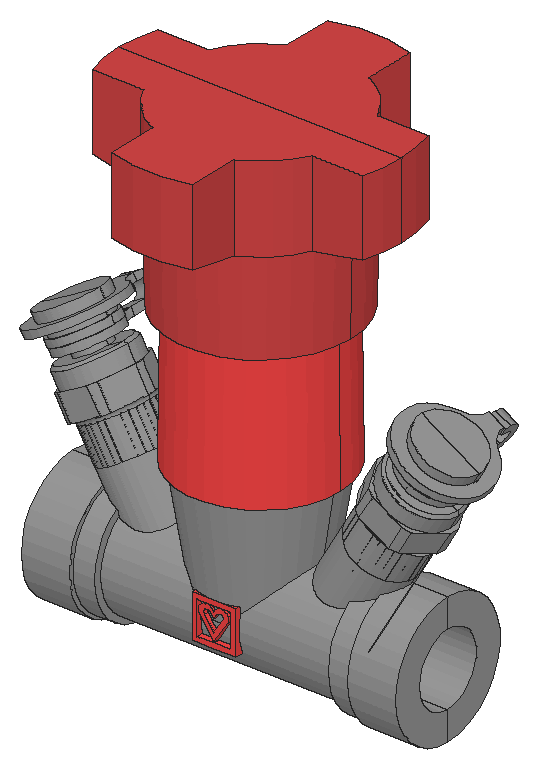
Revit family "HERZ Strömax полиамид, цвет маховика - зеленый 4217 GN", category Rohrzubehör, Revit 2019
Family settings
  Bemaßung runder Anschluss = Durchmesser verwenden
  Teiletyp = Unterbricht
  OmniClass-Nummer = 23.65.55.14
  OmniClass-Titel = Valves for Liquid Services
  Arbeitsebenenbasiert = Nein
  Immer vertikal = Ja
  Beim Laden mit Abzugskörper schneiden = Nein
  Gemeinsam genutzt = Nein
Parameters
  Шпиндель = "латунь CW617N"  # constant formula
  Уплотнение шпинделя = "EPDM"  # constant formula
  Среда = "Качество теплоносителя в соответствии с ÖNORM H5195 и VDI 2035.\r\nДопускается использование этилен- и пропиленгликоля в соотношении 25-50 % с водой."
  Положение клапана при монтаже = "Неподнимающийся шпиндель, расположенный перпендикулярно оси клапана, обеспечивает доступность и лёгкость в обслуживании в любом монтажном положении."
  Область применения = "Балансировочные клапаны применяются для гидравлической балансировки систем отопления и охлаждения, регулировки магистральных трубопроводов, стояков, теплообменников, регистров отопления и охлаждения."
  Номер заказа [instance] = size_lookup("4217_GN_", "Artnr", 0, Nennweite)  # 1421771
  Маховик = "полиамид, цвет маховика - красный"  # constant formula
  Макс. рабочее давление = 2500000.0 Pa  # constant formula
  Макс. рабочая температура (с DN40) = 110 °C  # constant formula
  Макс. рабочая температура (до DN32) = 130 °C  # constant formula
  Корпус = "латунь CW602N"  # constant formula
  Исполнение = "STRÖMAX-GN Балансировочный клапан с равнопроцентной пропускной характеристикой, с измерительными клапанами, 1/2′′ – 2′′.\r\nИсполнение с прямым невыдвижным шпинделем, муфта х муфта, латунный корпус без покрытия, уплотнение шпинделя двойным кольцевым уплотнением O-Ring, преднастройка посредством ограничения хода внутреннего шпинделя, шкала настройки находится на корпусе маховика.\r\nДва измерительных клапана расположены рядом с маховиком."
  Измерение перепада давления = "Клапаны STRÖMAX-GN оснащены двумя измерительными клапанами:\r\nс помощью измерительного прибора можно измерить перепад давления и по нему определить текущий расход в зависимости от степени преднастройки.\r\nHERZ Измерительный компьютер (1 8900 05) позволяет напрямую считывать расход (см. руководство к измерительным приборам)."
  Внутренняя резьба = "в соответствии с ISO 7/1"  # constant formula
  kvs-значения [instance] = if(Nennweite = 15.00 mm, 1.14, if(Nennweite = 20.00 mm, 2.38, if(Nennweite = 25.00 mm, 5.24, if(Nennweite = 32.00 mm, 8.6, if(Nennweite = 40.00 mm, 10.49, if(Nennweite = 50.00 mm, 16.78, 0))))))  # 1.14
  W02 = 60.00°  # constant formula
  W01 = 30.00°  # constant formula
  URL = "www.herz-armaturen.ru"
  SC_NennweiteBerechnet = 0
  SC_Dimension = ""
  SCRNSEQ = "ARM;ARM_TYP=\"STRV\";2"
  SCRNCODE = "05;07;02"  # constant formula
  S02 = 60.00 mm  # constant formula
  S01 [instance] = DN15_DN50  # 92.00 mm
  R01 [instance] = size_lookup("4217_GN_", "R1", 1.00 mm, Nennweite)  # 11.35 mm
  Nennweite [instance] = 15.00 mm
  ML02 [instance] = size_lookup("4217_GN_", "ML2", 1.00 mm, Nennweite)  # 29.70 mm
  ML01 [instance] = size_lookup("4217_GN_", "ML1", 1.00 mm, Nennweite)  # 15.15 mm
  MD01 = 7.40 mm  # constant formula
  L02 [instance] = size_lookup("4217_GN_", "L2", 1.00 mm, Nennweite)  # 10.00 mm
  L01 [instance] = size_lookup("4217_GN_", "L1", 1.00 mm, Nennweite)  # 14.70 mm
  L00 [instance] = size_lookup("4217_GN_", "L", 1.00 mm, Nennweite)  # 78.00 mm
  IG [instance] = Nennweite / 2  # 7.50 mm
  Hersteller = "HERZ Armaturen Ges.m.b.H."  # constant formula
  H01 = 41.50 mm  # constant formula
  H00 [instance] = size_lookup("4217_GN_", "H", 1.00 mm, Nennweite)  # 25.40 mm
  Вес [instance] = if(Nennweite = 15.00 mm, "0.50 kg", if(Nennweite = 20.00 mm, "0.58 kg", if(Nennweite = 25.00 mm, "0.81 kg", if(Nennweite = 32.00 mm, "1.2 kg", if(Nennweite = 40.00 mm, "1.37 kg", if(Nennweite = 50.00 mm, "2.06 kg", "0 kg"))))))  # "0.50 kg"
  GT [instance] = size_lookup("4217_GN_", "GT", 1.00 mm, Nennweite)  # 13.20 mm
  DN50 [instance] = Nennweite = 50.00 mm  # no
  DN40 [instance] = Nennweite = 40.00 mm  # no
  DN32 [instance] = Nennweite = 32.00 mm  # no
  DN25 [instance] = Nennweite = 25.00 mm  # no
  DN20 [instance] = Nennweite = 20.00 mm  # no
  DN15_DN50 [instance] = if(Nennweite = 15.00 mm, 92.00 mm, if(Nennweite = 20.00 mm, 95.00 mm, if(Nennweite = 25.00 mm, 102.00 mm, if(Nennweite = 32.00 mm, 114.00 mm, if(Nennweite = 40.00 mm, 114.00 mm, if(Nennweite = 50.00 mm, 119.00 mm, 0.00 mm))))))  # 92.00 mm
  DN15 [instance] = Nennweite = 15.00 mm  # yes
  D05 = 16.75 mm  # constant formula
  D04 = 16.25 mm  # constant formula
  D03 [instance] = size_lookup("4217_GN_", "D3", 1.00 mm, Nennweite)  # 15.50 mm
  D02 [instance] = size_lookup("4217_GN_", "D2", 1.00 mm, Nennweite)  # 13.50 mm
  D01 [instance] = size_lookup("4217_GN_", "D1", 1.00 mm, Nennweite)  # 12.70 mm
Reference planes
  plane 1 "Mitte (Vorne/hinten)": y = 0
  plane 2: z = 0
  plane 3 "Mitte (Links/rechts)": x = 0
Forms (mm)
  Revolve 1, solid, material "Messing, weicher Gelbton, geschweißt", detail levels fine
    sketch origin (0, 0, 0) x (1, 0, 0) y (0, 0, 1)
      loop
        line (-39, 13.5) -> (-39, 7.5) -> (-25.8, 7.5) -> (-25.8, 0) -> (25.8, 0) -> (25.8, 7.5) -> (39, 7.5) -> (39, 13.5) -> (29, 13.5) -> (29, 12.7) -> (24.3, 12.7) -> (24.3, 11.35) -> (-24.3, 11.35) -> (-24.3, 12.7) -> (-29, 12.7) -> (-29, 13.5) -> (-39, 13.5)
      axis (-39, 0) -> (39, 0)
    angle from 0 to 360
  Revolve 2, solid, material "Messing, weicher Gelbton, geschweißt", detail levels fine
    sketch origin (0, 0, 0) x (1, 0, 0) y (0, 0, 1)
      loop
        line (15.15, 0) -> (30, 25.721) -> (23.591, 29.421) -> (8.741, 3.7) -> (15.15, 0)
      axis (15.15, 0) -> (30, 25.721)
    angle from 0 to 360
  Revolve 3, solid, material "Messing, weicher Gelbton, geschweißt", detail levels fine
    sketch origin (0, 0, 0) x (-1, 0, 0) y (0, 0, 1)
      loop
        line (15.15, 0) -> (30, 25.721) -> (23.591, 29.421) -> (8.741, 3.7) -> (15.15, 0)
      axis (15.15, 0) -> (30, 25.721)
    angle from 0 to 360
  Revolve 4, solid, material "Messing, weicher Gelbton, geschweißt", detail levels fine
    sketch origin (0, 0, 0) x (1, 0, 0) y (0, 0, 1)
      loop
        line (0, 0) -> (0, 25.4) -> (-15.5, 25.4) -> (-11.35, 0) -> (0, 0)
      axis (0, 25.4) -> (0, 0)
    angle from 0 to 360
  Revolve 5, solid, material "Kunsstoff rot", detail levels fine
    sketch origin (0, 0, 0) x (1, 0, 0) y (0, 0, 1)
      loop
        line (0, 25.4) -> (0, 66.9) -> (-16.25, 66.9) -> (-16.75, 25.4) -> (0, 25.4)
      axis (0, 66.9) -> (0, 25.4)
    angle from 0 to 360
Lines and regions (mm)
  model lines, detail levels coarse+medium
    curve 1: line (-39, 0, 13.5) -> (-39, 0, -13.5)
    curve 2: line (-39, 0, -13.5) -> (39, 0, 13.5)
    curve 3: line (39, 0, 13.5) -> (39, 0, -13.5)
    curve 4: line (39, 0, -13.5) -> (-39, 0, 13.5)
    curve 5: line (0, 0, 0) -> (53.116, 0, 92)
    curve 6: line (27.135, 0, 107) -> (79.097, 0, 77)
    curve 7: line (-39, 13.5, 0) -> (-39, -13.5, 0)
    curve 8: line (-39, -13.5, 0) -> (39, 13.5, 0)
    curve 9: line (39, 13.5, 0) -> (39, -13.5, 0)
    curve 10: line (39, -13.5, 0) -> (-39, 13.5, 0)
    curve 11: line (0, 0, 0) -> (53.116, 92, 0)
    curve 12: line (27.135, 107, 0) -> (79.097, 77, 0)
Dimensions and locks
  "IG": Revolve 1 sketch curve to plane 2
  "GT": Revolve 1 sketch curve to Revolve 1 sketch curve  (x2)
  "IG": Revolve 1 sketch curve to Revolve 1 sketch curve
  "D01": Revolve 1 sketch curve to Revolve 1 sketch curve  (x2)
  "L02": Revolve 1 sketch curve to Revolve 1 sketch curve  (x2)
  "D02": Revolve 1 sketch curve to plane 2  (x2)
  equal spacing: Revolve 1 sketch curve, plane 3 "Mitte (Links/rechts)", Revolve 1 sketch curve
  "L00": Revolve 1 sketch curve to Revolve 1 sketch curve
  "R01": nested 1 to plane 1 "Mitte (Vorne/hinten)"
  "ML01": Revolve 2 sketch curve to plane 3 "Mitte (Links/rechts)"
  "ML02": Revolve 2 sketch curve to Revolve 2 sketch curve
  "MD01": Revolve 2 sketch curve to Revolve 2 sketch curve  (x2)
  "ML02": Revolve 3 sketch curve to Revolve 3 sketch curve
  "MD01": Revolve 3 sketch curve to Revolve 3 sketch curve  (x2)
  "ML01": plane 3 "Mitte (Links/rechts)" to Revolve 3 sketch curve
  "D02": curve 4 to plane 2 to curve 2
  "D02": curve 3 to plane 2 to curve 4
  equal spacing: curve 1, plane 3 "Mitte (Links/rechts)", curve 3
  "L00": curve 1 to curve 3
  equal spacing: Revolve 1, curve 5, Revolve 1
  "S01": curve 5 to plane 2
  equal spacing: curve 6, curve 5, curve 6
  "S02": curve 6 to curve 6
  "D02": curve 8 to plane 1 "Mitte (Vorne/hinten)" to curve 10
  "D02": curve 10 to plane 1 "Mitte (Vorne/hinten)" to curve 9
  equal spacing: curve 7, plane 3 "Mitte (Links/rechts)", curve 9
  "L00": curve 7 to curve 9
  equal spacing: curve 7, curve 11, curve 9
  "S01": plane 1 "Mitte (Vorne/hinten)" to curve 11
  equal spacing: curve 12, curve 11, curve 12
  "S02": curve 12 to curve 12
  "R01": Revolve 1 sketch curve to plane 2
  "H00": Revolve 4 sketch curve to plane 2
  "D03": Revolve 4 sketch curve to Revolve 4 sketch curve
  "R01": Revolve 4 sketch curve to Revolve 4 sketch curve
  "L01": Revolve 1 sketch curve to Revolve 1 sketch curve  (x2)
  "H01": Revolve 5 sketch curve to Revolve 5 sketch curve
  "H00": Revolve 5 sketch curve to plane 2
  "D04": Revolve 5 sketch curve to Revolve 5 sketch curve
  "D05": Revolve 5 sketch curve to Revolve 5 sketch curve
  "DN15_DN50": nested 14 to plane 2
  "W01": angle Revolve 2 sketch curve to plane 3 "Mitte (Links/rechts)"  (x2)
  "W01": angle plane 3 "Mitte (Links/rechts)" to Revolve 3 sketch curve  (x2)
  "W02": angle plane 2 to curve 5
  "W02": angle plane 1 "Mitte (Vorne/hinten)" to curve 11
  aligned and locked: level to plane 2
Automatic sketch dimensions
  Revolve 1 sketch curve to level = 0.00 mm  (x2)
  Revolve 1 sketch curve to Revolve 1 sketch curve = 1429.986 mm
  Revolve 1 sketch curve to Revolve 1 sketch curve = 1762.604 mm
  Revolve 2 sketch curve to level = 0.00 mm  (x2)
  Revolve 3 sketch curve to level = 0.00 mm  (x2)
  Revolve 4 sketch curve to level = 0.00 mm
  Revolve 4 sketch curve to plane 3 "Mitte (Links/rechts)" = 0.00 mm  (x2)
  Revolve 4 sketch curve to level = 366.045 mm
  Revolve 4 sketch curve to Revolve 4 sketch curve = 2188.915 mm
  Revolve 5 sketch curve to plane 3 "Mitte (Links/rechts)" = 0.00 mm  (x2)
  Revolve 5 sketch curve to level = 366.045 mm
  Revolve 5 sketch curve to Revolve 5 sketch curve = 2147.415 mm
Nested families
  nested 1: "Herz-Logo-vorne" at (0, -11.35, 0) x (0, 1, 0) z (0, 0, 1), type "Herz-Logo-vorne", detail levels fine
  nested 2: "Messstutzen_Band_Austritt_30Grad_(oben)" at (37.95, 0, 29.878), visible <- "DN50", type "Messstutzen_Band_Austritt_30Grad_(oben)", detail levels fine
    with Schutzkappe yes, Nennweite 0.00 mm, Gewicht 0.00 kg, Bestellnummer 0
  nested 3: "Messstutzen_Band_Eintritt_30Grad_(oben)" at (-37.95, 0, 29.878) x (-1, 0, 0) z (0, 0, 1), visible <- "DN50", type "Messstutzen_Band_Eintritt_30Grad_(oben)", detail levels fine
    with Schutzkappe yes, Nennweite 0.00 mm, Gewicht 0.00 kg, Bestellnummer 0
  nested 4: "Messstutzen_Band_Austritt_30Grad_(oben)" at (21.25, 0, 10.566), visible <- "DN15", type "Messstutzen_Band_Austritt_30Grad_(oben)", detail levels fine
    with Schutzkappe yes, Nennweite 0.00 mm, Gewicht 0.00 kg, Bestellnummer 0
  nested 5: "Messstutzen_Band_Eintritt_30Grad_(oben)" at (-21.25, 0, 10.566) x (-1, 0, 0) z (0, 0, 1), visible <- "DN15", type "Messstutzen_Band_Eintritt_30Grad_(oben)", detail levels fine
    with Schutzkappe yes, Nennweite 0.00 mm, Gewicht 0.00 kg, Bestellnummer 0
  nested 6: "Messstutzen_Band_Eintritt_30Grad_(oben)" at (-20.175, 0, 12.601) x (-1, 0, 0) z (0, 0, 1), visible <- "DN20", type "Messstutzen_Band_Eintritt_30Grad_(oben)", detail levels fine
    with Schutzkappe yes, Nennweite 0.00 mm, Gewicht 0.00 kg, Bestellnummer 0
  nested 7: "Messstutzen_Band_Austritt_30Grad_(oben)" at (20.175, 0, 12.601), visible <- "DN20", type "Messstutzen_Band_Austritt_30Grad_(oben)", detail levels fine
    with Schutzkappe yes, Nennweite 0.00 mm, Gewicht 0.00 kg, Bestellnummer 0
  nested 8: "Messstutzen_Band_Eintritt_30Grad_(oben)" at (-21.8, 0, 15.762) x (-1, 0, 0) z (0, 0, 1), visible <- "DN25", type "Messstutzen_Band_Eintritt_30Grad_(oben)", detail levels fine
    with Schutzkappe yes, Nennweite 0.00 mm, Gewicht 0.00 kg, Bestellnummer 0
  nested 9: "Messstutzen_Band_Austritt_30Grad_(oben)" at (21.8, 0, 15.762), visible <- "DN25", type "Messstutzen_Band_Austritt_30Grad_(oben)", detail levels fine
    with Schutzkappe yes, Nennweite 0.00 mm, Gewicht 0.00 kg, Bestellnummer 0
  nested 10: "Messstutzen_Band_Eintritt_30Grad_(oben)" at (-27.95, 0, 20.352) x (-1, 0, 0) z (0, 0, 1), visible <- "DN32", type "Messstutzen_Band_Eintritt_30Grad_(oben)", detail levels fine
    with Schutzkappe yes, Nennweite 0.00 mm, Gewicht 0.00 kg, Bestellnummer 0
  nested 11: "Messstutzen_Band_Austritt_30Grad_(oben)" at (27.95, 0, 20.352), visible <- "DN32", type "Messstutzen_Band_Austritt_30Grad_(oben)", detail levels fine
    with Schutzkappe yes, Nennweite 0.00 mm, Gewicht 0.00 kg, Bestellnummer 0
  nested 12: "Messstutzen_Band_Eintritt_30Grad_(oben)" at (-33.7, 0, 23.729) x (-1, 0, 0) z (0, 0, 1), visible <- "DN40", type "Messstutzen_Band_Eintritt_30Grad_(oben)", detail levels fine
    with Schutzkappe yes, Nennweite 0.00 mm, Gewicht 0.00 kg, Bestellnummer 0
  nested 13: "Messstutzen_Band_Austritt_30Grad_(oben)" at (33.7, 0, 23.729), visible <- "DN40", type "Messstutzen_Band_Austritt_30Grad_(oben)", detail levels fine
    with Schutzkappe yes, Nennweite 0.00 mm, Gewicht 0.00 kg, Bestellnummer 0
  nested 14: "Strangregulierventil-Handrad_(Rot) DN15-DN50" at (0, 0, 54.6), type "Strangregulierventil-Handrad_(Rot) DN15-DN50", detail levels fine
Connectors
  piping at (-25.8, 0, 0), diameter 15, driven by "Nennweite"
    settings: on Revolve 1, index 1, connector inside diameter 609.6 mm, connector length 0.00 mm, flow factor 0, pipe flow 0.0 L/s, pressure drop 0.0 Pa, fitting loss kfactor 0, connector angle 0.00°, fixture units 0, engagement length 0.00 mm, angle of deflection 0.00°, flow configuration 0, flow direction 1, fitting loss method 0, system type 29, joint type 0, gender type 0, connector reference index -1, connector utility 0, adjustable connector no, is connector primary yes, connector description ""
  piping at (25.8, 0, 0), diameter 15, driven by "Nennweite"
    settings: on Revolve 1, index 2, connector inside diameter 609.6 mm, connector length 0.00 mm, flow factor 0, pipe flow 0.0 L/s, pressure drop 0.0 Pa, fitting loss kfactor 0, connector angle 0.00°, fixture units 0, engagement length 0.00 mm, angle of deflection 0.00°, flow configuration 0, flow direction 2, fitting loss method 0, system type 29, joint type 0, gender type 0, connector reference index -1, connector utility 0, adjustable connector no, is connector primary no, connector description ""
Definition of nested family "Herz-Logo-vorne"
  Reference planes
    plane 1 "Mitte (Vorne/hinten)": y = 0
    plane 2: z = 0
    plane 3 "Mitte (Links/rechts)": x = 0
  Forms (mm)
    Extrusion 1, solid
      sketch origin (0.732, -0.018, 0.017) x (0, -1, 0) y (0, 0, 1)
        loop
          line (-0.018, -4.517) -> (4.482, -4.517) -> (4.482, 4.483) -> (-4.518, 4.483) -> (-4.518, -4.517) -> (-0.018, -4.517)
        loop
          line (-0.05, -3.48) -> (3.482, -3.48) -> (3.482, 3.483) -> (-3.518, 3.483) -> (-3.518, -3.48) -> (-0.05, -3.48)
        loop
          arc (-0.018, 2.383) -> (-1.543, 3.287) -> (-3.067, 2.383) r 1.738
          arc (-3.067, 2.383) -> (-3.191, 1.899) -> (-3.067, 1.415) r 1.009
          line (-3.067, 1.415) -> (-0.018, -3.281) -> (3.032, 1.415)
          arc (3.032, 1.415) -> (3.156, 1.899) -> (3.032, 2.383) r 1.009
          arc (3.032, 2.383) -> (1.507, 3.287) -> (-0.018, 2.383) r 1.738
        loop
          arc (1.885, 1.272) -> (2.005, 1.675) -> (1.885, 2.079) r 0.74
          arc (1.885, 2.079) -> (1.265, 2.416) -> (0.644, 2.079) r 0.74
          line (0.644, 2.079) -> (-0.018, 0.97) -> (-0.679, 2.079)
          arc (-0.679, 2.079) -> (-1.3, 2.416) -> (-1.921, 2.079) r 0.74
          arc (-1.921, 2.079) -> (-2.04, 1.675) -> (-1.921, 1.272) r 0.74
          line (-1.921, 1.272) -> (-0.018, -1.658) -> (1.885, 1.272)
      from 0 to 1.5
  Dimensions and locks
    aligned and locked: level to plane 2
Definition of nested family "Messstutzen_Band_Austritt_30Grad_(oben)"
  Parameters (values of type "Messstutzen_Band_Austritt_30Grad_(oben)")
    URL = "www.herz-armaturen.at"
    Schutzkappe [instance] = yes
    Nennweite [instance] = 0.00 mm
    Manufacturer = "Herz Armaturen GmbH"  # constant formula
    Gewicht [instance] = 0.00 kg
    Bestellnummer [instance] = 0
  Reference planes
    plane 1 "Mitte (Vorne/hinten)": y = 0
    plane 2: z = 0
    plane 3 "Mitte (Links/rechts)": x = 0
  Forms (mm)
    Revolve 1, solid, detail levels fine
      sketch origin (0, 0, 0) x (0.866025, 0, -0.5) y (0.5, 0, 0.866025)
        loop
          line (-7.4, 9) -> (-5.55, 9) -> (-5.55, 6)
          arc (-5.55, 6) -> (-5.626, 5.617) -> (-5.843, 5.293) r 1
          line (-5.843, 5.293) -> (-6.455, 4.681) -> (-6.455, 0.9) -> (-5.555, 0) -> (-2, 0) -> (-2, 17.5) -> (-8.4, 17.5)
          arc (-8.4, 17.5) -> (-7.693, 17.207) -> (-7.4, 16.5) r 1
          line (-7.4, 16.5) -> (-7.4, 9)
        loop
          line (-3.7, 27) -> (-7.3, 27) -> (-7.9, 26.4) -> (-7.9, 23) -> (-2, 23) -> (-2, 35.8) -> (-3.805, 35.8) -> (-4.415, 35.19) -> (-4.415, 30.863) -> (-3.7, 30.45) -> (-3.7, 27)
        axis (0, 0) -> (0, 35.8)
      angle from 0 to 360
    Extrusion 2, solid, detail levels fine
      sketch origin (8.75, 0, 15.155) x (0, 1, 0) y (-0.866025, 0, 0.5)
        loop
          arc (-7.07, 5.156) -> (-7.578, 4.375) -> (-8, 3.544) r 8.75
          line (-8, 3.544) -> (-8, -3.544)
          arc (-8, -3.544) -> (-7.578, -4.375) -> (-7.07, -5.156) r 8.75
          line (-7.07, -5.156) -> (-0.93, -8.7)
          arc (-0.93, -8.7) -> (0, -8.75) -> (0.93, -8.7) r 8.75
          line (0.93, -8.7) -> (7.07, -5.156)
          arc (7.07, -5.156) -> (7.578, -4.375) -> (8, -3.544) r 8.75
          line (8, -3.544) -> (8, 3.544)
          arc (8, 3.544) -> (7.578, 4.375) -> (7.07, 5.156) r 8.75
          line (7.07, 5.156) -> (0.93, 8.7)
          arc (0.93, 8.7) -> (0, 8.75) -> (-0.93, 8.7) r 8.75
          line (-0.93, 8.7) -> (-7.07, 5.156)
      from 0 to 5.5
    Revolve 3, solid, visible <- "Schutzkappe", detail levels fine
      sketch origin (0, 0, 0) x (0.866025, 0, -0.5) y (0.5, 0, 0.866025)
        loop
          line (0, 35.878) -> (0, 36.678) -> (-7, 36.678) -> (-7, 33.378) -> (-6.1, 33.378) -> (-6.1, 31.678) -> (-6.9, 31.678) -> (-6.9, 30.178) -> (-4.415, 30.178) -> (-4.415, 35.268) -> (-3.805, 35.878) -> (0, 35.878)
        axis (0, 30.178) -> (0, 36.678)
      angle from 0 to 360
    Extrusion 4, solid, detail levels fine
      sketch origin (14.25, 0, 24.682) x (0, 1, 0) y (0.866025, 0, -0.5)
        loop
          circle (0, 0) r 3.7
        loop
          arc (5.505, -3.906) -> (7.288, -2.358) -> (9.582, -1.8) r 5
          line (9.582, -1.8) -> (9.582, 1.8)
          arc (9.582, 1.8) -> (7.288, 2.358) -> (5.505, 3.906) r 5
          arc (5.505, 3.906) -> (-6.75, 0) -> (5.505, -3.906) r 6.75
      from 0 to -1.5
    Extrusion 5, solid, detail levels fine
      sketch origin (16.589, 0, 28.733) x (0, 1, 0) y (0.866025, 0, -0.5)
        loop
          circle (0, 0) r 6.1
        loop
          arc (8.652, -4.495) -> (10.493, -2.527) -> (13.089, -1.8) r 5
          line (13.089, -1.8) -> (13.089, 1.8)
          arc (13.089, 1.8) -> (10.493, 2.527) -> (8.652, 4.495) r 5
          arc (8.652, 4.495) -> (-9.75, 0) -> (8.652, -4.495) r 9.75
      from 0 to -1.5
    Sweep 6, solid, detail levels fine
      path origin (1.029, 0.159, 0.98) x (-0.5, 0, -0.866025) y (0, 1, 0)
        loop
          line (-27.75, 9.582) -> (-27.75, 14.522)
          arc (-27.75, 14.522) -> (-30.089, 16.862) -> (-32.428, 14.522) r 2.339
          line (-32.428, 14.522) -> (-32.428, 13.089)
      profile origin (14.904, 12.211, 25.012) x (0.5, 0, 0.866025) y (0.866025, 0, -0.5)
        loop
          line (-0.75, -1.8) -> (0.75, -1.8) -> (0.75, 1.8) -> (-0.75, 1.8) -> (-0.75, -1.8)
  Dimensions and locks
    aligned and locked: level to plane 2
Definition of nested family "Messstutzen_Band_Eintritt_30Grad_(oben)"
  Parameters (values of type "Messstutzen_Band_Eintritt_30Grad_(oben)")
    URL = "www.herz-armaturen.at"
    Schutzkappe [instance] = yes
    Nennweite [instance] = 0.00 mm
    Manufacturer = "Herz Armaturen GmbH"  # constant formula
    Gewicht [instance] = 0.00 kg
    Bestellnummer [instance] = 0
  Reference planes
    plane 1 "Mitte (Vorne/hinten)": y = 0
    plane 2: z = 0
    plane 3 "Mitte (Links/rechts)": x = 0
  Forms (mm)
    Revolve 1, solid, detail levels fine
      sketch origin (0, 0, 0) x (0.866025, 0, -0.5) y (0.5, 0, 0.866025)
        loop
          line (-7.4, 9) -> (-5.55, 9) -> (-5.55, 6)
          arc (-5.55, 6) -> (-5.626, 5.617) -> (-5.843, 5.293) r 1
          line (-5.843, 5.293) -> (-6.455, 4.681) -> (-6.455, 0.9) -> (-5.555, 0) -> (-2, 0) -> (-2, 17.5) -> (-8.4, 17.5)
          arc (-8.4, 17.5) -> (-7.693, 17.207) -> (-7.4, 16.5) r 1
          line (-7.4, 16.5) -> (-7.4, 9)
        loop
          line (-3.7, 27) -> (-7.3, 27) -> (-7.9, 26.4) -> (-7.9, 23) -> (-2, 23) -> (-2, 35.8) -> (-3.805, 35.8) -> (-4.415, 35.19) -> (-4.415, 30.863) -> (-3.7, 30.45) -> (-3.7, 27)
        axis (0, 0) -> (0, 35.8)
      angle from 0 to 360
    Extrusion 2, solid, detail levels fine
      sketch origin (8.75, 0, 15.155) x (0, 1, 0) y (-0.866025, 0, 0.5)
        loop
          arc (-7.07, 5.156) -> (-7.578, 4.375) -> (-8, 3.544) r 8.75
          line (-8, 3.544) -> (-8, -3.544)
          arc (-8, -3.544) -> (-7.578, -4.375) -> (-7.07, -5.156) r 8.75
          line (-7.07, -5.156) -> (-0.93, -8.7)
          arc (-0.93, -8.7) -> (0, -8.75) -> (0.93, -8.7) r 8.75
          line (0.93, -8.7) -> (7.07, -5.156)
          arc (7.07, -5.156) -> (7.578, -4.375) -> (8, -3.544) r 8.75
          line (8, -3.544) -> (8, 3.544)
          arc (8, 3.544) -> (7.578, 4.375) -> (7.07, 5.156) r 8.75
          line (7.07, 5.156) -> (0.93, 8.7)
          arc (0.93, 8.7) -> (0, 8.75) -> (-0.93, 8.7) r 8.75
          line (-0.93, 8.7) -> (-7.07, 5.156)
      from 0 to 5.5
    Revolve 3, solid, visible <- "Schutzkappe", detail levels fine
      sketch origin (0, 0, 0) x (0.866025, 0, -0.5) y (0.5, 0, 0.866025)
        loop
          line (0, 35.878) -> (0, 36.678) -> (-7, 36.678) -> (-7, 33.378) -> (-6.1, 33.378) -> (-6.1, 31.678) -> (-6.9, 31.678) -> (-6.9, 30.178) -> (-4.415, 30.178) -> (-4.415, 35.268) -> (-3.805, 35.878) -> (0, 35.878)
        axis (0, 30.178) -> (0, 36.678)
      angle from 0 to 360
    Extrusion 4, solid, detail levels fine
      sketch origin (14.25, 0, 24.682) x (0, 1, 0) y (0.866025, 0, -0.5)
        loop
          circle (0, 0) r 3.7
        loop
          arc (5.505, -3.906) -> (7.288, -2.358) -> (9.582, -1.8) r 5
          line (9.582, -1.8) -> (9.582, 1.8)
          arc (9.582, 1.8) -> (7.288, 2.358) -> (5.505, 3.906) r 5
          arc (5.505, 3.906) -> (-6.75, 0) -> (5.505, -3.906) r 6.75
      from 0 to -1.5
    Extrusion 5, solid, detail levels fine
      sketch origin (16.589, 0, 28.733) x (0, 1, 0) y (0.866025, 0, -0.5)
        loop
          circle (0, 0) r 6.1
        loop
          arc (8.652, -4.495) -> (10.493, -2.527) -> (13.089, -1.8) r 5
          line (13.089, -1.8) -> (13.089, 1.8)
          arc (13.089, 1.8) -> (10.493, 2.527) -> (8.652, 4.495) r 5
          arc (8.652, 4.495) -> (-9.75, 0) -> (8.652, -4.495) r 9.75
      from 0 to -1.5
    Sweep 6, solid, detail levels fine
      path origin (0.933, -0.183, 1.116) x (-0.5, 0, -0.866025) y (0, 1, 0)
        loop
          line (-27.75, 9.582) -> (-27.75, 14.522)
          arc (-27.75, 14.522) -> (-30.089, 16.862) -> (-32.428, 14.522) r 2.339
          line (-32.428, 14.522) -> (-32.428, 13.089)
      profile origin (14.808, 11.869, 25.148) x (0.5, 0, 0.866025) y (0.866025, 0, -0.5)
        loop
          line (-0.75, -1.8) -> (0.75, -1.8) -> (0.75, 1.8) -> (-0.75, 1.8) -> (-0.75, -1.8)
  Dimensions and locks
    aligned and locked: level to plane 2
Definition of nested family "Strangregulierventil-Handrad_(Rot) DN15-DN50"
  Reference planes
    plane 1 "Mitte (Vorne/hinten)": y = 0
    plane 2: z = 0
    plane 3 "Mitte (Links/rechts)": x = 0
  Forms (mm)
    Revolve 1, solid, detail levels fine
      sketch origin (0, 0, 0) x (1, 0, 0) y (0, 0, 1)
        loop
          line (0, 0) -> (0, 37.4) -> (-29.4, 37.4) -> (-29.4, 21.6) -> (-19.25, 19.5) -> (-18.9, 0) -> (0, 0)
        axis (0, 37.4) -> (0, 0)
      angle from 0 to 360
    Extrusion 2, void
      sketch origin (0, 0, 0) x (1, 0, 0) y (0, 1, 0)
        loop
          arc (-8.5, 17.528) -> (-13.774, 13.774) -> (-17.528, 8.5) r 19.48
          line (-17.528, 8.5) -> (-28.144, 8.5)
          arc (-28.144, 8.5) -> (-29.4, 0) -> (-28.144, -8.5) r 29.4
          line (-28.144, -8.5) -> (-17.528, -8.5)
          arc (-17.528, -8.5) -> (-13.774, -13.774) -> (-8.5, -17.528) r 19.48
          line (-8.5, -17.528) -> (-8.5, -28.144)
          arc (-8.5, -28.144) -> (0, -29.4) -> (8.5, -28.144) r 29.4
          line (8.5, -28.144) -> (8.5, -17.528)
          arc (8.5, -17.528) -> (13.774, -13.774) -> (17.528, -8.5) r 19.48
          line (17.528, -8.5) -> (28.144, -8.5)
          arc (28.144, -8.5) -> (29.4, 0) -> (28.144, 8.5) r 29.4
          line (28.144, 8.5) -> (17.528, 8.5)
          arc (17.528, 8.5) -> (13.774, 13.774) -> (8.5, 17.528) r 19.48
          line (8.5, 17.528) -> (8.5, 28.144)
          arc (8.5, 28.144) -> (0, 29.4) -> (-8.5, 28.144) r 29.4
          line (-8.5, 28.144) -> (-8.5, 17.528)
        loop
          circle (0, 0) r 33
      from 17.15 to 46.765
  Cuts and joins
    Extrusion 2 cuts Revolve 1
  Dimensions and locks
    aligned and locked: level to plane 2
